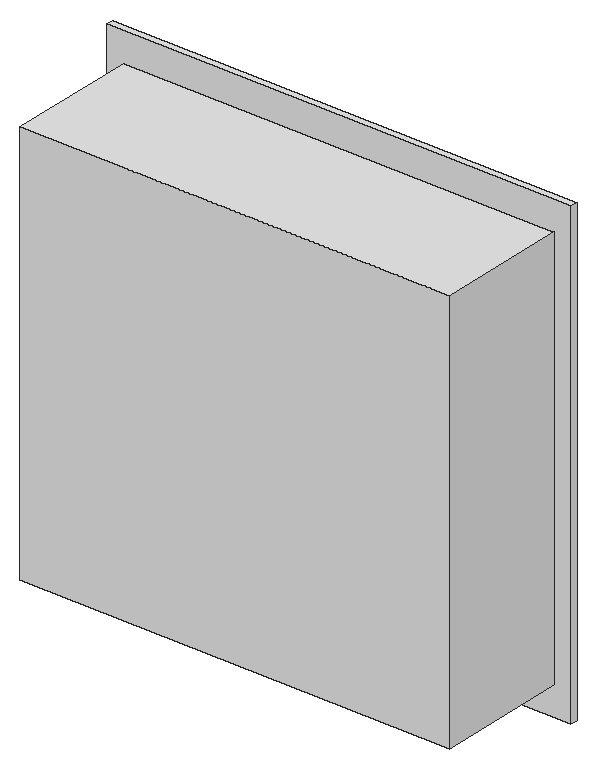
Revit family "Cypher-C1", category Lighting Fixtures, host Wall, Revit 2021
Family settings
  Host = Wall
  Round Connector Dimension = Use Diameter
  Part Type = Normal
  OmniClass Number = 23.80.70.11.14
  OmniClass Title = General Luminaries, Directional
  Always vertical = Yes
  Cut with Voids When Loaded = No
  Light Source = Yes
  Shared = No
  Room Calculation Point = No
Parameters (values of type "CY1-15-3K7-1-1D-R")
  Watts = 17 W
  Wattage Comments = "15W, 1500 nominal lumens"
  Wattage = 17 W
  built-in parameter 1150110 = 1 (stored number, unit not read)
  Voltage = if([120 Voltage], 120 V, 270 V)  # 120 V
  URL = "https://www.currentlighting.com/aal"
  built-in parameter 1114217 = 1 (stored number, unit not read)
  Tilt Angle = 90.00°
  built-in parameter 1150109 = 1 (stored number, unit not read)
  built-in parameter 1150134 = (empty or 0)
  built-in parameter 1150113 = 1 (stored number, unit not read)
  Product Page URL = ""
  Product Documentation Link = ""
  Photometric Notes = "For more Photometric files please refer to the website"  # constant formula
  Glass = White Glass
  Power Factor = 1
  Photometric Web File = "CY1-15-3K7-1-1D-R.IES"
  Fascia Form [instance] = Panel : Flat - Blank
  Model = "Cypher - Accent Scale"  # constant formula
  Manufacturer = "Architectural Area Lighting"  # constant formula
  built-in parameter 1150105 = 100.11 (stored number, unit not read)
  Lumens = 1258 lm
  built-in parameter 1150115 = 1 (stored number, unit not read)
  Load Classification = Lighting
  built-in parameter 1150137 = (empty or 0)
  built-in parameter 1150139 = (empty or 0)
  built-in parameter 1150112 = 1 (stored number, unit not read)
  built-in parameter 1150114 = 1 (stored number, unit not read)
  Lamp = "360° Light Distribution"  # constant formula
  built-in parameter 1150132 = (empty or 0)
  built-in parameter 1150102 = (empty or 0)
  built-in parameter 1150107 = 3000 (stored number, unit not read)
  built-in parameter 1150138 = (empty or 0)
  built-in parameter 1150106 = 1.0011 (stored number, unit not read)
  Emit from Rectangle Width = 4.00"  # constant formula
  Emit from Rectangle Length = 2.00"  # constant formula
  Emit Shape Visible in Rendering = no
  built-in parameter 1150104 = 6.8748 (stored number, unit not read)
  Dimming Lamp Color Temperature Shift = <None>
  Description = "Cypher allows designers to mix and match optics for best-in-class aesthetics and performance"  # constant formula
  Default Elevation = 0.00"
  Color Filter = 16777215
  Box Finish = White
  built-in parameter 1114218 = 1 (stored number, unit not read)
  built-in parameter 1150133 = 10 (stored number, unit not read)
  Assembly Code = "D5020"
  Apparent Load = Watts / Power Factor  # 17 VA
  277 Voltage = not([120 Voltage])  # no
  120 Voltage = yes
Types (6): name | Watts | Wattage Comments | Wattage | built-in parameter 1150134 | Photometric Web File | built-in parameter 1150105 | Lumens | built-in parameter 1150107 | built-in parameter 1150106 | built-in parameter 1150104 | Apparent Load
  CY1-15-3K7-1-1D-R | 17 W | "15W, 1500 nominal lumens" | 17 W | (empty or 0) | "CY1-15-3K7-1-1D-R.IES" | 100.11 (stored number, unit not read) | 1258 lm | 3000 (stored number, unit not read) | 1.0011 (stored number, unit not read) | 6.8748 (stored number, unit not read) | 17 VA
  CY1-15-4K7-1-WG-R | 17 W | "15W, 1500 nominal lumens" | 17 W | 12 | "CY1-15-4K7-1-WG-R.IES" | 156.93 (stored number, unit not read) | 1972 lm | 4000 (stored number, unit not read) | 1.5693 (stored number, unit not read) | 10.777 (stored number, unit not read) | 17 VA
  CY1-15-5K7-1-3D-R | 17 W | "15W, 1500 nominal lumens" | 17 W | 2 | "CY1-15-5K7-1-3D-R.IES" | 91.992 (stored number, unit not read) | 1156 lm | 5000 (stored number, unit not read) | 0.91992 (stored number, unit not read) | 6.3174 (stored number, unit not read) | 17 VA
  CY1-25-3K7-1-1-R | 26 W | "25W, 2500 nominal lumens" | 26 W | (empty or 0) | "CY1-25-3K7-1-1-R.IES" | 190.35 (stored number, unit not read) | 2392 lm | 3000 (stored number, unit not read) | 1.9035 (stored number, unit not read) | 8.5471 (stored number, unit not read) | 26 VA
  CY1-25-4K7-1-4-R | 26 W | "25W, 2500 nominal lumens" | 26 W | 12 | "CY1-25-4K7-1-4-R.IES" | 184.14 (stored number, unit not read) | 2314 lm | 4000 (stored number, unit not read) | 1.8414 (stored number, unit not read) | 8.2684 (stored number, unit not read) | 26 VA
  CY1-25-5K7-1-SP-R | 26 W | "25W, 2500 nominal lumens" | 26 W | 2 | "CY1-25-5K7-1-SP-R.IES" | 194.49 (stored number, unit not read) | 2444 lm | 5000 (stored number, unit not read) | 1.9449 (stored number, unit not read) | 8.7329 (stored number, unit not read) | 26 VA
Reference planes (in)
  plane 1 "Wall": y = 0
  plane 2 "Center (Left/Right)": x = 4.92126
  plane 3 "Back": y = 2.95276
  plane 4: z = 67.32601
Text (in)
  text "Placement Side" at (-36.97918, 19.73443, 0), in view "Ref. Level"
  text "Placement side" at (0, 27.32912, 79.68064), in view "Left"
  text "Placement side" at (0, 10.24977, 82.91007), in view "Right"
Dimensions and locks (in)
  locked: plane 3 "Back" to host wall
  aligned and locked: plane 1 "Wall" to host wall
  aligned and locked: nested 1 to plane 2 "Center (Left/Right)"
  aligned and locked: nested 1 to plane 4
Nested families (in)
  nested 1: "Panel" at (4.92126, 2.95276, 67.32601) x (-1, 0, 0) z (0, 1, 0), type <- "Fascia Form", Panel <- "Box Finish", Glass <- "Glass", type "Flat - Blank"
    with Panel White, Glass White Glass, F-Open no, F-Blank yes, F-4 Square no
Connectors (in)
  electrical at (4.92126, 2.95276, 67.32601), driven by "Load Classification", driven by "Voltage", driven by "Apparent Load", driven by "Power Factor"
    settings: on nested 1, index 1, voltage 120 V, apparent load 17 VA, apparent load phase1 0 VA, apparent load phase2 0 VA, apparent load phase3 0 VA, power factor 1, load classification "Lighting", number of poles 1, system type 30, power factor state 1, is connector primary yes, connector utility no, sub classification motor no, connector description "Lighting Connector"
Definition of nested family "Panel"
  Parameters
    zz Length 2 = 8.30"
    zz Length 1 = 8.80"
    URL = ""
    Radius = no
    Flat = yes
    F-Open = yes
    F-Blank = no
    R-4 Square = no
    R-Open = no
    Model = ""
    Manufacturer = ""
    R-Blank = no
    Panel [instance] = none
    Glass [instance] = none
    F-4 Square = yes
    Description = ""
    Default Elevation = 48.00"
  Reference planes (in)
    plane 1 "Center (Front/Back)": y = 0
    plane 2: z = 0
    plane 3 "Center (Left/Right)": x = 0
    plane 4: x = -5.1
    plane 5: y = 5
    plane 6: y = -5
    plane 7: x = 5.1
    plane 8: x = -1.5
    plane 9: x = 1.5
    plane 10: y = 1.5
    plane 11: y = -1.5
    plane 12: x = -4.4
    plane 13: x = 4.4
    plane 14: y = 4.15
    plane 15: y = -4.15
    plane 16: z = 4.2
    plane 17: x = -4.75
    plane 18: x = 4.75
    plane 19: y = -4.75
    plane 20: y = 4.75
    plane 21: z = 2.65
  Forms (in)
    Extrusion 1, solid
      sketch origin (0, 0, 0) x (1, 0, 0) y (0, 1, 0)
        loop
          line (-48, 48) -> (-48, -48) -> (48, -48) -> (48, 48) -> (-48, 48)
      from 0 to -12
    Extrusion 2, solid, material <- "Panel", visible <- "Radius"
      sketch origin (0, 0, -5.12088) x (1, 0, 0) y (0, 0, 1)
        loop
          line (-5.1, 7.02088) -> (-4.97955, 6.90043)
          arc (-4.97955, 6.90043) -> (0, 9.15088) -> (4.97955, 6.90043) r 6.63435
          line (4.97955, 6.90043) -> (5.1, 7.02088)
          arc (5.1, 7.02088) -> (0, 9.32088) -> (-5.1, 7.02088) r 6.80435
      from 5 to -5
    Extrusion 3, void
      sketch origin (0, 0, 0) x (1, 0, 0) y (0, 1, 0)
        loop
          line (-1.5, 1.5) -> (-1.5, -1.5) -> (1.5, -1.5) -> (1.5, 1.5) -> (-1.5, 1.5)
      from 7.43003 to 0.25
    Extrusion 4, solid, material <- "Glass", visible <- "R-Open"
      sketch origin (0, 0, -8.59835) x (1, 0, 0) y (0, 0, 1)
        loop
          line (-1.5, 12.55195) -> (-1.5, 12.48059)
          arc (-1.5, 12.48059) -> (0, 12.62835) -> (1.5, 12.48059) r 7.68763
          line (1.5, 12.48059) -> (1.5, 12.55195)
          arc (1.5, 12.55195) -> (0, 12.69835) -> (-1.5, 12.55195) r 7.75763
      from 1.5 to -1.5
    Extrusion 5, void, not visible
      sketch origin (0, 0, 0) x (1, 0, 0) y (0, 1, 0)
        loop
          circle (-2.22504, 2.2246) r 0.08209
      from 10.68531 to 8.33423
    Extrusion 6, solid, material <- "Panel", visible <- "R-Blank"
      sketch origin (0, 0, -8.59835) x (1, 0, 0) y (0, 0, 1)
        loop
          line (-1.5, 12.63095) -> (-1.5, 12.55195)
          arc (-1.5, 12.55195) -> (0, 12.69835) -> (1.5, 12.55195) r 7.75763
          line (1.5, 12.55195) -> (1.5, 12.63095)
          arc (1.5, 12.63095) -> (0, 12.79835) -> (-1.5, 12.63095) r 6.80435
      from 1.5 to -1.5
    Extrusion 7, solid, material <- "Panel", visible <- "R-4 Square"
      sketch origin (0, 0, -8.59835) x (1, 0, 0) y (0, 0, 1)
        loop
          line (-1.5, 12.63095) -> (-1.5, 12.55195)
          arc (-1.5, 12.55195) -> (0, 12.69835) -> (1.5, 12.55195) r 7.75763
          line (1.5, 12.55195) -> (1.5, 12.63095)
          arc (1.5, 12.63095) -> (0, 12.79835) -> (-1.5, 12.63095) r 6.80435
      from 1.5 to -1.5
    Extrusion 8, void
      sketch origin (0, 0, 0) x (1, 0, 0) y (0, 1, 0)
        loop
          line (-1.5, 1.5) -> (-1.5, 0.125) -> (-0.125, 0.125) -> (-0.125, 1.5) -> (-1.5, 1.5)
        loop
          line (1.5, 1.5) -> (0.125, 1.5) -> (0.125, 0.125) -> (1.5, 0.125) -> (1.5, 1.5)
        loop
          line (-1.5, -1.5) -> (-0.125, -1.5) -> (-0.125, -0.125) -> (-1.5, -0.125) -> (-1.5, -1.5)
        loop
          line (1.5, -1.5) -> (1.5, -0.125) -> (0.125, -0.125) -> (0.125, -1.5) -> (1.5, -1.5)
      from 4.36391 to 2.5679
    Extrusion 9, solid, material <- "Panel"
      sketch origin (0, 0, 0) x (1, 0, 0) y (0, 1, 0)
        loop
          line (-4.4, 4.15) -> (-4.4, -4.15) -> (4.4, -4.15) -> (4.4, 4.15) -> (-4.4, 4.15)
      from 0 to 2.65
    Extrusion 10, solid, material <- "Panel", visible <- "Flat"
      sketch origin (0, 0, 0) x (1, 0, 0) y (0, 1, 0)
        loop
          line (-4.75, 4.75) -> (-4.75, -4.75) -> (4.75, -4.75) -> (4.75, 4.75) -> (-4.75, 4.75)
      from 2.65 to 2.8
    Extrusion 11, solid, material <- "Panel", visible <- "F-Blank"
      sketch origin (0, 0, 0) x (1, 0, 0) y (0, 1, 0)
        loop
          line (-1.5, 1.5) -> (-1.5, -1.5) -> (1.5, -1.5) -> (1.5, 1.5) -> (-1.5, 1.5)
      from 2.71775 to 2.8
    Extrusion 12, solid, material <- "Glass", visible <- "F-Open"
      sketch origin (0, 0, 0) x (1, 0, 0) y (0, 1, 0)
        loop
          line (-1.5, 1.5) -> (-1.5, -1.5) -> (1.5, -1.5) -> (1.5, 1.5) -> (-1.5, 1.5)
      from 2.65 to 2.71775
    Extrusion 13, solid, material <- "Panel", visible <- "F-4 Square"
      sketch origin (0, 0, 0) x (1, 0, 0) y (0, 1, 0)
        loop
          line (-1.5, 1.5) -> (-1.5, -1.5) -> (1.5, -1.5) -> (1.5, 1.5) -> (-1.5, 1.5)
      from 2.71775 to 2.8
    Extrusion 14, void
      sketch origin (0, 0, 0) x (1, 0, 0) y (0, 0, 1)
        loop
          line (-3.9, 2.4) -> (-3.9, 0.25) -> (3.9, 0.25) -> (3.9, 2.4) -> (-3.9, 2.4)
      from -2.93789 to 4.75
    Extrusion 15, solid, material <- "Glass"
      sketch origin (0, 0, 0) x (1, 0, 0) y (0, 0, 1)
        loop
          line (-3.9, 2.4) -> (-3.9, 0.25) -> (3.9, 0.25) -> (3.9, 2.4) -> (-3.9, 2.4)
      from 3.84637 to 3.99301
  Cuts and joins
    Extrusion 3 cuts Extrusion 2
    Extrusion 8 cuts Extrusion 7
    Extrusion 3 cuts Extrusion 10
    Extrusion 8 cuts Extrusion 13
    Extrusion 3, Extrusion 14 cuts Extrusion 9
  Dimensions and locks (in)
    equal spacing: plane 5, plane 1 "Center (Front/Back)", plane 6
    locked: plane 6 to plane 5 at 10
    equal spacing: plane 4, plane 3 "Center (Left/Right)", plane 7
    locked: plane 4 to plane 7 at 10.2
    equal spacing: plane 8, plane 3 "Center (Left/Right)", plane 9
    equal spacing: plane 10, plane 1 "Center (Front/Back)", plane 11
    locked: plane 8 to plane 3 "Center (Left/Right)" at 1.5
    locked: plane 1 "Center (Front/Back)" to plane 10 at 1.5
    equal spacing: plane 12, plane 3 "Center (Left/Right)", plane 13
    equal spacing: plane 14, plane 1 "Center (Front/Back)", plane 15
    "zz Length 1": plane 12 to plane 13
    "zz Length 2": plane 14 to plane 15
    plane 16 to plane 2 = 4.20"
    equal spacing: plane 17, plane 3 "Center (Left/Right)", plane 18
    equal spacing: plane 19, plane 1 "Center (Front/Back)", plane 20
    locked: plane 19 to plane 20 at 9.5
    locked: plane 17 to plane 18 at 9.5
    plane 21 to plane 2 = 2.65"
    locked: Extrusion 9 to Extrusion 14 sketch curve at 0.5  (x2)
    locked: Extrusion 14 sketch curve to Extrusion 1 at 0.25
    locked: plane 21 to Extrusion 14 sketch curve at 0.25
    aligned and locked: plane 2 to Extrusion 1
    aligned and locked: level to Extrusion 1
    aligned and locked: plane 5 to Extrusion 2
    aligned and locked: plane 6 to Extrusion 2
    aligned and locked: Extrusion 3 sketch curve to plane 10
    aligned and locked: plane 8 to Extrusion 3 sketch curve
    aligned and locked: Extrusion 3 sketch curve to plane 11
    aligned and locked: plane 9 to Extrusion 3 sketch curve
    aligned and locked: plane 10 to Extrusion 4
    aligned and locked: plane 11 to Extrusion 4
    aligned and locked: plane 10 to Extrusion 6
    aligned and locked: plane 11 to Extrusion 6
    aligned and locked: plane 10 to Extrusion 7
    aligned and locked: plane 11 to Extrusion 7
    aligned and locked: Extrusion 8 sketch curve to plane 10
    aligned and locked: plane 8 to Extrusion 8 sketch curve
    aligned and locked: Extrusion 8 sketch curve to plane 8
    aligned and locked: Extrusion 8 sketch curve to plane 9
    aligned and locked: plane 9 to Extrusion 8 sketch curve
    aligned and locked: Extrusion 8 sketch curve to plane 11
    aligned and locked: plane 11 to Extrusion 8 sketch curve
    aligned and locked: plane 10 to Extrusion 8 sketch curve
    aligned and locked: plane 14 to Extrusion 9 sketch curve
    aligned and locked: plane 15 to Extrusion 9 sketch curve
    aligned and locked: plane 20 to Extrusion 10 sketch curve
    aligned and locked: plane 17 to Extrusion 10 sketch curve
    aligned and locked: plane 19 to Extrusion 10 sketch curve
    aligned and locked: plane 18 to Extrusion 10 sketch curve
    aligned and locked: Extrusion 10 to Extrusion 9
    aligned and locked: plane 21 to Extrusion 9
    aligned and locked: Extrusion 11 sketch curve to cut or joined group of Extrusion 2, Extrusion 3  (x4)
    aligned and locked: Extrusion 13 sketch curve to cut or joined group of Extrusion 2, Extrusion 3  (x4)
    aligned and locked: Extrusion 15 sketch curve to cut or joined group of Extrusion 3, Extrusion 9, Extrusion 14  (x4)
  Automatic sketch dimensions
    Extrusion 1 sketch curve to Extrusion 1 sketch curve = 96.00"  (x2)
    plane 9 to Extrusion 4 sketch curve = 0.00"
    plane 9 to Extrusion 6 sketch curve = 0.00"
    Extrusion 8 sketch curve to plane 3 "Center (Left/Right)" = 0.125"  (x2)
    plane 3 "Center (Left/Right)" to Extrusion 8 sketch curve = 0.125"  (x2)
    plane 1 "Center (Front/Back)" to Extrusion 8 sketch curve = 0.125"  (x2)
    Extrusion 8 sketch curve to plane 1 "Center (Front/Back)" = 0.125"  (x2)
    Extrusion 6 sketch curve to Extrusion 6 sketch curve = 0.07901"
    Extrusion 4 sketch curve to plane 8 = 0.00"
    Extrusion 6 sketch curve to plane 16 = 0.16739"
    Extrusion 7 sketch curve to Extrusion 7 sketch curve = 0.07901"
    Extrusion 7 sketch curve to plane 8 = 0.00"
    plane 9 to Extrusion 7 sketch curve = 0.00"
    Extrusion 4 sketch curve to Extrusion 4 sketch curve = 0.00"  (x2)
    Extrusion 4 sketch curve to plane 3 "Center (Left/Right)" = 0.00"
    Extrusion 4 sketch curve to plane 16 = 0.2464"
    Extrusion 4 sketch curve to plane 16 = 0.31776"
    Extrusion 4 sketch curve to level = 3.65763"
    Extrusion 2 sketch curve to Extrusion 2 sketch curve = 0.00"  (x3)
    Extrusion 2 sketch curve to plane 4 = 0.00"
    plane 4 to Extrusion 2 sketch curve = 0.12045"
    Extrusion 2 sketch curve to plane 21 = 0.87045"
    Extrusion 2 sketch curve to plane 3 "Center (Left/Right)" = 0.00"
    plane 7 to Extrusion 2 sketch curve = 0.00"
    plane 7 to Extrusion 2 sketch curve = 0.12045"
    Extrusion 2 sketch curve to Extrusion 2 sketch curve = 0.12045"
    Extrusion 2 sketch curve to level = 2.60435"
    Extrusion 6 sketch curve to plane 8 = 0.00"
    Extrusion 6 sketch curve to plane 3 "Center (Left/Right)" = 0.00"
    Extrusion 6 sketch curve to level = 3.65763"
    Extrusion 6 sketch curve to plane 16 = 0.2464"
    Extrusion 6 sketch curve to Extrusion 6 sketch curve = 1.05328"
    Extrusion 7 sketch curve to plane 16 = 0.16739"
    Extrusion 7 sketch curve to plane 3 "Center (Left/Right)" = 0.00"
    Extrusion 7 sketch curve to level = 3.65763"
    Extrusion 7 sketch curve to plane 16 = 0.2464"
    Extrusion 7 sketch curve to Extrusion 7 sketch curve = 1.05328"
    Extrusion 12 sketch curve to plane 8 = 0.00"
    Extrusion 12 sketch curve to plane 9 = 0.00"
    plane 11 to Extrusion 12 sketch curve = 0.00"
    Extrusion 12 sketch curve to plane 10 = 0.00"
    Extrusion 9 sketch curve to plane 12 = 0.00"
    Extrusion 9 sketch curve to plane 13 = 0.00"
    radius of Extrusion 5 sketch curve = 0.08209"
